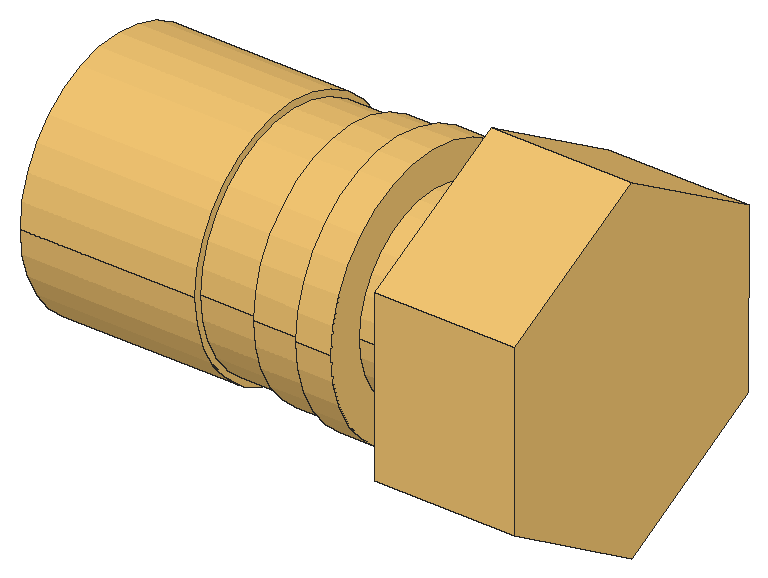
Revit family "VTm.422.BG", category Соединительные детали трубопроводов, Revit 2019
Family settings
  Размер круглого соединителя = Использовать диаметр
  Тип детали = Переход
  На основе рабочей плоскости = Нет
  Всегда вертикально = Да
  При загрузке вырезать с полостями = Нет
  Общий = Нет
Parameters
  Таблица = "VTm.422.BG"
  Описание = "Фитинг аксиальный универсальный – фитинг надвижной с накидной гайкой"  # constant formula
  built-in parameter 1114242 [instance] = 1
  Изготовитель = "VALTEC"  # constant formula
  Группа модели = "Аксиальные фитинги универсальные"  # constant formula
  msg [instance] = size_lookup(Таблица, "msg", 0 mm, Du1, Du2)  # 25 mm
  msf [instance] = size_lookup(Таблица, "msf", 0 mm, Du1, Du2)  # 50 mm
  g2 [instance] = d1 + 1 mm  # 22 mm
  g1 [instance] = d1 - 1 mm  # 20 mm
  d3 [instance] = size_lookup(Таблица, "d3", 0 mm, Du1, Du2)  # 19 mm
  d2 [instance] = size_lookup(Таблица, "d2", 0 mm, Du1, Du2)  # 16 mm
  d1 [instance] = size_lookup(Таблица, "d1", 0 mm, Du1, Du2)  # 21 mm
  b [instance] = size_lookup(Таблица, "b", 0 mm, Du1, Du2)  # 3 mm
  a [instance] = size_lookup(Таблица, "a", 0 mm, Du1, Du2)  # 25 mm
  URL = "https://valtec.ru/"
  L3 [instance] = size_lookup(Таблица, "L3", 0 mm, Du1, Du2)  # 12 mm
  L2 [instance] = size_lookup(Таблица, "L2", 0 mm, Du1, Du2)  # 5 mm
  L1 [instance] = size_lookup(Таблица, "L1", 0 mm, Du1, Du2)  # 24 mm
  Du2 [instance] = 15 mm
  Du1 [instance] = 16 mm
  ADSK_Обозначение [instance] = "VTm.422.BG"  # constant formula
  ADSK_Наименование [instance] = size_lookup(Таблица, "", "Данный типоразмер отсутствует", Du1, Du2)  # "Фитинг аксиальный универсальный – фитинг надвижной с накидной гайкой 16 (2,2) мм х 1/2\""
  ADSK_Материал [instance] = Латунь -CW614N
  ADSK_Масса_фитинга [instance] = msf / 1000 mm  # 0.05
  ADSK_Масса_гильзы [instance] = msg / 1000 mm  # 0.025
  ADSK_Код изделия - фитинг [instance] = size_lookup(Таблица, "Код продукта", "Данный типоразмер отсутствует", Du1, Du2)  # "VTm.422.BG.001604"
  ADSK_Код изделия - гильза [instance] = size_lookup(Таблица, "Код гильза", "Данный типоразмер отсутствует", Du1, Du2)  # "VTm.400.BG.001622"
  ADSK_Завод-изготовитель [instance] = Изготовитель  # "VALTEC"
  ADSK_Единица измерения [instance] = "шт."  # constant formula
  ADSK_URL страницы изделия = "https://valtec.ru/catalog/sistemy_metallopolimernyh_i_polimernyh_truboprovodov/aksialnye_fitingi_universalnye/fiting_aksialnyj_universalnyj_fiting_nadvijnoj_s_nakidnoj_gajkoj.html"
  ADSK_URL документации изделия [instance] = "https://valtec.ru/document/technical/VTm.400.BG-0321.pdf"
Reference planes
  plane 1 "По центру (Вперед/Назад)": y = 0
  plane 2: z = 0
  plane 3 "По центру (Влево/Вправо)": x = 0
  plane 4: x = 5
  plane 5: x = 17
  plane 6: through (0, 0, 0) normal (0, 0.5, -0.866)
  plane 7: through (0, 0, 0) normal (0, 0.5, 0.866)
  plane 8: y = 12.5
  plane 9: y = -12.5
  plane 10: through (0, 352.797, 189.254) normal (0, -0.5, 0.866)
  plane 11: through (0, 322.304, 200.516) normal (0, -0.5, 0.866)
  plane 12: through (0, -404.319, 247.867) normal (0, -0.5, -0.866)
  plane 13: through (0, -476.528, 260.69) normal (0, -0.5, -0.866)
  plane 14: x = -3
  plane 15: x = -7
  plane 16: x = -12
  plane 17: x = -27
  plane 18: x = -67.374
Forms (mm)
  Extrusion 1, solid, material "Латунь -CW614N" <- "ADSK_Материал", detail levels fine
    sketch origin (0, 0, 0) x (0, 1, 0) y (0, 0, 1)
      loop
        line (0, 14.434) -> (-12.5, 7.217) -> (-12.5, -7.217) -> (0, -14.434) -> (12.5, -7.217) -> (12.5, 7.217) -> (0, 14.434)
    from 5 to 17
  Extrusion 2, solid, material "Латунь -CW614N" <- "ADSK_Материал", detail levels fine
    sketch origin (0, 0, 0) x (0, 1, 0) y (0, 0, 1)
      loop
        circle (0, 0) r 8
    from 0 to 5
  Extrusion 3, solid, material "Латунь -CW614N" <- "ADSK_Материал", detail levels fine
    sketch origin (0, 0, 0) x (0, 1, 0) y (0, 0, 1)
      loop
        circle (0, 0) r 11
    from -3 to 0
  Extrusion 4, solid, material "Латунь -CW614N" <- "ADSK_Материал", detail levels fine
    sketch origin (0, 0, 0) x (0, 1, 0) y (0, 0, 1)
      loop
        circle (0, 0) r 10.5
    from -7 to -3
  Extrusion 5, solid, material "Латунь -CW614N" <- "ADSK_Материал", detail levels fine
    sketch origin (0, 0, 0) x (0, 1, 0) y (0, 0, 1)
      loop
        circle (0, 0) r 10
    from -12 to -7
  Extrusion 6, solid, material "Латунь -CW614N" <- "ADSK_Материал", detail levels fine
    sketch origin (0, 0, 0) x (0, 1, 0) y (0, 0, 1)
      loop
        circle (0, 0) r 10.5
    from -27 to -12
Dimensions and locks
  "L2": plane 3 "По центру (Влево/Вправо)" to plane 4
  "L3": plane 4 to plane 5
  equal spacing: plane 11, plane 6, plane 10
  equal spacing: plane 13, plane 7, plane 12
  equal spacing: plane 8, plane 1 "По центру (Вперед/Назад)", plane 9
  "a": plane 11 to plane 10
  "a": plane 8 to plane 9
  "a": plane 13 to plane 12
  "b": plane 14 to plane 3 "По центру (Влево/Вправо)"
  locked: plane 15 to plane 14 at 4
  locked: plane 16 to plane 15 at 5
  "L1": plane 17 to plane 14
  "d2": diameter of Extrusion 2 sketch curve
  "g2": diameter of Extrusion 3 sketch curve
  "d1": diameter of Extrusion 4 sketch curve
  "g1": diameter of Extrusion 5 sketch curve
  "d1": diameter of Extrusion 6 sketch curve
  aligned and locked: level to plane 2
  aligned and locked: Extrusion 1 sketch curve to plane 12
  aligned and locked: plane 11 to Extrusion 1 sketch curve
  aligned and locked: plane 9 to Extrusion 1 sketch curve
  aligned and locked: plane 13 to Extrusion 1 sketch curve
  aligned and locked: Extrusion 1 sketch curve to plane 10
  aligned and locked: Extrusion 1 sketch curve to plane 8
  aligned and locked: Extrusion 1 to plane 4
  aligned and locked: plane 5 to Extrusion 1
  aligned and locked: plane 1 "По центру (Вперед/Назад)" to Extrusion 2 sketch curve
  aligned and locked: level to Extrusion 2 sketch curve
  aligned and locked: Extrusion 2 to plane 3 "По центру (Влево/Вправо)"
  aligned and locked: plane 4 to Extrusion 2
  aligned and locked: plane 1 "По центру (Вперед/Назад)" to Extrusion 3 sketch curve
  aligned and locked: level to Extrusion 3 sketch curve
  aligned and locked: Extrusion 3 to plane 14
  aligned and locked: plane 3 "По центру (Влево/Вправо)" to Extrusion 3
  aligned and locked: plane 1 "По центру (Вперед/Назад)" to Extrusion 4 sketch curve
  aligned and locked: level to Extrusion 4 sketch curve
  aligned and locked: Extrusion 4 to plane 15
  aligned and locked: plane 14 to Extrusion 4
  aligned and locked: plane 1 "По центру (Вперед/Назад)" to Extrusion 5 sketch curve
  aligned and locked: level to Extrusion 5 sketch curve
  aligned and locked: Extrusion 5 to plane 16
  aligned and locked: plane 15 to Extrusion 5
  aligned and locked: plane 1 "По центру (Вперед/Назад)" to Extrusion 6 sketch curve
  aligned and locked: level to Extrusion 6 sketch curve
  aligned and locked: Extrusion 6 to plane 17
  aligned and locked: plane 16 to Extrusion 6
  aligned and locked: plane 1 "По центру (Вперед/Назад)" to nested 1
Nested families
  nested 1: "условный вид" at (3, 0, 0), type "условный вид", detail levels coarse+medium
    with Ширина 15 mm, Длинна 20 mm
Connectors
  piping at (-3, 0, 0), diameter 16, driven by "Du1"
    settings: on Extrusion 3, index 1, connector inside diameter 609.6 mm, connector length 0 mm, flow factor 0, pipe flow 0.0 L/s, pressure drop 0.0 Pa, fitting loss kfactor 0, connector angle 0.00°, fixture units 0, engagement length 0 mm, angle of deflection 0.00°, flow configuration 0, flow direction 0, fitting loss method 0, system type 28, joint type 0, gender type 0, connector reference index -1, connector utility 0, adjustable connector no, is connector primary yes, connector description ""
  piping at (5, 0, 0), diameter 15, driven by "Du2"
    settings: on Extrusion 2, index 2, connector inside diameter 609.6 mm, connector length 0 mm, flow factor 0, pipe flow 0.0 L/s, pressure drop 0.0 Pa, fitting loss kfactor 0, connector angle 0.00°, fixture units 0, engagement length 0 mm, angle of deflection 0.00°, flow configuration 0, flow direction 0, fitting loss method 0, system type 28, joint type 0, gender type 0, connector reference index -1, connector utility 0, adjustable connector no, is connector primary no, connector description ""
Definition of nested family "условный вид"
  Parameters (values of type "условный вид")
    Ширина [instance] = 15 mm
    Длинна [instance] = 20 mm
  Reference planes
    plane 1: y = 0
    plane 2: x = 0
  Lines and regions (mm)
    Filled region 1, type "Цветовая область 1"
      outline origin (0, 0, 0) x (1, 0, 0) y (0, 1, 0)
        loop
          line (9.996, -0.013) -> (-10, 9.311) -> (-10, -9.337) -> (9.996, -0.013)
    reference lines
      curve 1: line (-10, 12.871, 0) -> (-10, -9.337, 0)
      curve 2: line (10, 15.001, 0) -> (10, -15.037, 0)
      curve 4: line (-10, 9.311, 0) -> (10, -0.015, 0)
      curve 5: line (10, -0.012, 0) -> (-10, -9.337, 0)
    detail lines
      curve 3: line (-10, 9.311, 0) -> (-10, -9.337, 0)
      curve 6: line (9.996, -0.013, 0) -> (-10, 9.311, 0)
      curve 7: line (9.996, -0.013, 0) -> (-10, -9.337, 0)
  Dimensions and locks
    equal spacing: curve 1, plane 2, curve 2
    "Длинна": curve 1 to curve 2
    aligned and locked: curve 5 to curve 7
    aligned and locked: curve 6 to curve 4
    aligned and locked: Filled region 1 sketch curve to curve 6
    aligned and locked: Filled region 1 sketch curve to curve 7
    aligned and locked: Filled region 1 sketch curve to curve 3
  Automatic sketch dimensions
    curve 6 to plane 1 = 9.311 mm
    plane 1 to curve 5 = 9.337 mm
    plane 1 to curve 2 = 15.037 mm
    plane 1 to curve 4 = 0.015 mm
    curve 4 to curve 5 = 0.003 mm
    curve 4 to plane 1 = 9.311 mm
    curve 4 to curve 1 = 3.56 mm
    curve 2 to plane 1 = 15.001 mm
